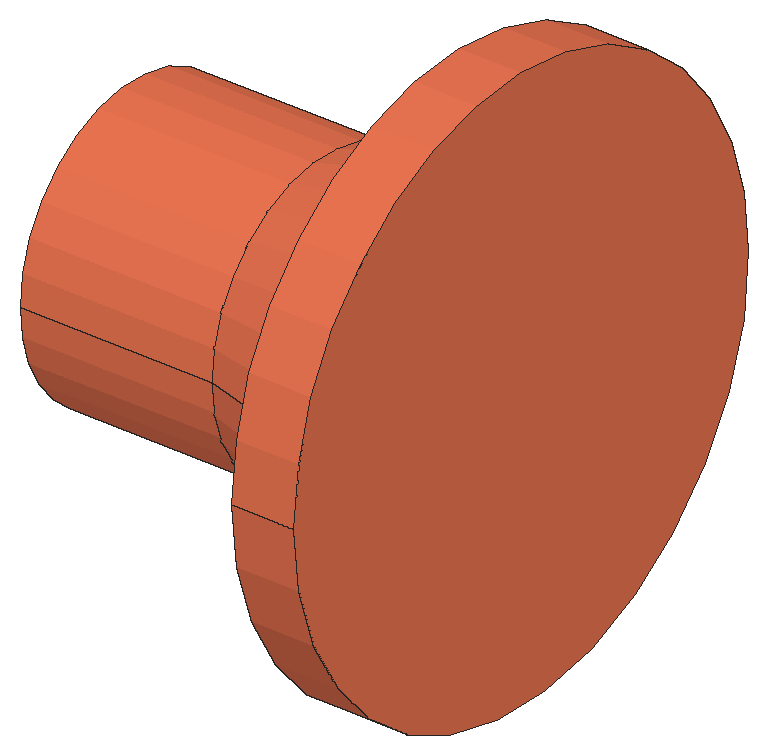
Revit family "Smart SML Фланцевый переходник", category Pipe Fittings, Revit 2015
Parameters
  Таблица поиска = "S-SML_Фланцевый переходник"
  Наружный радиус [instance] = Наружный диаметр / 2  # 55 mm
  R1 [instance] = D1 / 2  # 110 mm
  B [instance] = size_lookup(Таблица поиска, "B", Номинальный диаметр, Номинальный диаметр)  # 24 mm
  Description = ""
  Номинальный радиус [instance] = 50 mm
  Номинальный диаметр [instance] = Номинальный радиус * 2  # 100 mm
  Наружный диаметр [instance] = size_lookup(Таблица поиска, "DE", Номинальный диаметр, Номинальный диаметр)  # 110 mm
  Материал = S-SML_Чугун серый с пластинчатым графитом
  D1 [instance] = size_lookup(Таблица поиска, "D1", Номинальный диаметр, Номинальный диаметр)  # 220 mm
  Assembly Code = ""
  Manufacturer = "ООО \"СМАРТЕКС\""
  Артикул [instance] = size_lookup(Таблица поиска, "", "Неопределено", Номинальный диаметр)  # "95100"
  URL = "http://s-sml.ru/production/smart-sml/"
Reference planes
  plane 1 "По центру (Вперед/Назад)": y = 0
  plane 2: z = 0
  plane 3 "По центру (Влево/Вправо)": x = 0
  plane 4: x = 150
  plane 5: x = 0
Forms (mm)
  Sweep 1, solid, material "S-SML_Чугун серый с пластинчатым графитом"
    path in 3D
      loop
        line (0, 0, 0) -> (150, 0, 0)
    profile origin (75, 0, 0) x (0, 1, 0) y (0, 0, 1)
      loop
        circle (0, 0) r 55
  Revolve 2, solid, material "S-SML_Чугун серый с пластинчатым графитом"
    sketch origin (0, 0, 0) x (-1, 0, 0) y (0, -1, 0)
      loop
        line (-150, 0) -> (-150, -110) -> (-126, -110) -> (-126, -70.476) -> (-74, -55) -> (-74, 0) -> (-150, 0)
      axis (-74, 0) -> (-150, 0)
    angle from 0 to 360
Cuts and joins
  joined: Sweep 1, Revolve 2
Lines and regions (mm)
  model lines, not visible
    curve 1: line (0, 0, 0) -> (150, 0, 0)
  sketch lines
    curve 2: line (0, 0, 0) -> (150, 0, 0)
Dimensions and locks
  plane 5 to plane 4 = 150 mm
  "R1": Revolve 2 sketch curve to Revolve 2 sketch curve
  "B": Revolve 2 sketch curve to Revolve 2 sketch curve
  "Наружный радиус": Revolve 2 sketch curve to Revolve 2 sketch curve
  Revolve 2 sketch curve to Revolve 2 sketch curve = 39.524 mm
  "Наружный диаметр": diameter of Sweep 1 sketch curve
  aligned and locked: level to plane 2
  aligned and locked: plane 1 "По центру (Вперед/Назад)" to curve 1
  aligned and locked: plane 4 to curve 1
  aligned and locked: plane 5 to curve 1
  aligned and locked: plane 3 "По центру (Влево/Вправо)" to plane 5
Automatic sketch dimensions
  Sweep 1 sketch curve to profile plane = 0 mm  (x2)
  plane 1 "По центру (Вперед/Назад)" to Revolve 2 sketch curve = 0 mm  (x2)
  Revolve 2 sketch curve to plane 4 = 0 mm  (x2)
  plane 3 "По центру (Влево/Вправо)" to Revolve 2 sketch curve = 74 mm
  Revolve 2 sketch curve to Revolve 2 sketch curve = 8.714 mm
Connectors
  piping at (0, 0, 0), diameter 100, driven by "Номинальный радиус"
    settings: on Sweep 1, index 1, connector inside diameter 609.6 mm, connector length 0 mm, flow factor 0, pipe flow 0.0 L/s, pressure drop 0.0 Pa, fitting loss kfactor 0, connector angle 0.00°, fixture units 0, engagement length 0 mm, angle of deflection 0.00°, flow configuration 0, flow direction 0, fitting loss method 0, system type 28, joint type 0, gender type 0, connector reference index -1, connector utility 0, adjustable connector no, is connector primary yes, connector description ""
